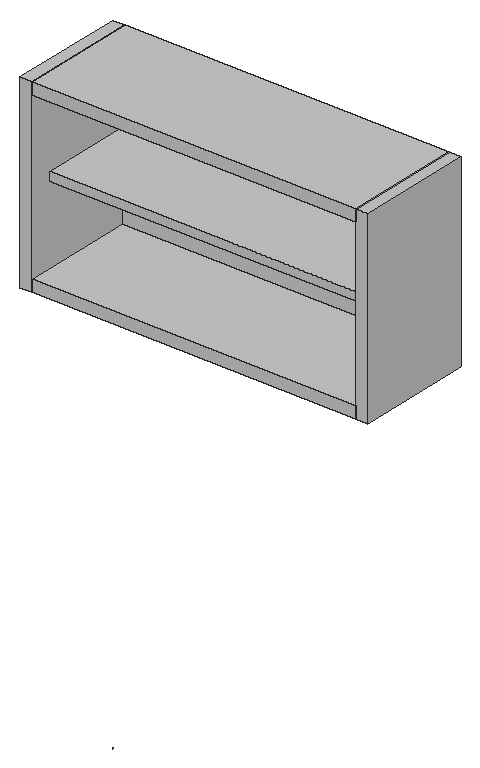
Revit family "QF_ZANUSSI_133257_PA1200LCN", category Attrezzature speciali, Revit 2020
Family settings
  Quota connettore circolare = Usa diametro
  Tipo di parte = Normale
  Basato su piano di lavoro = No
  Sempre verticale = Sì
  Taglio con vuoti quando caricato = No
  Condiviso = No
  Punto di calcolo locali = No
Parameters (values of type "Standard")
  Weight = 21.00 kg
  Watts = 0 W
  Volts = 0 V
  URL Manufacturer = "http://www.zanussiprofessional.com"
  URL = "http://www.zanussiprofessional.com"
  Steam Supply Size = 0 mm
  Steam Supply Minimum Pressure = 0.0 Pa
  Steam Supply Maximum Pressure = 0.0 Pa
  Steam Consumption per Hour = 0
  Refrigeration Suction Line Size = 0.0 mm
  Refrigeration Liquid Line Size = 0.0 mm
  Refrigerant Compressor Remote = yes
  Prospetto di default = 0.0 mm
  Phase = 0
  Modello = "PA1200LCN"
  Produttore = "Zanussi"
  Length Actual = 1200.0 mm  # constant formula
  Item Number = "133257"
  Hot Water Size = 0 mm
  Height Actual = 650.0 mm  # constant formula
  HP = "0 HP"
  Gas Size = 0 mm
  Gas KW = 0
  Gas Input Pressure = 0 W
  Direct Waste Size = 0 mm
  Descrizione = "OPEN WALL CUPBOARD 1200 MM"
  Depth Actual = 400.0 mm  # constant formula
  Cycle = 0 Hz
  Condensate Return Size = 0 mm
  Compressed Air Volume = 0.0 L/s
  Compressed Air Size = 0 mm
  Compressed Air Pressure = 0.0 Pa
  Cold Water Size = 0 mm
  Accessory = yes
Reference planes
  plane 1 "Center (Front/Back)": y = 0
  plane 2: z = 0
  plane 3 "Center (Left/Right)": x = -300
  plane 4 "LEFT": x = -900
  plane 5 "RIGHT": x = 300
  plane 6 "BACK": y = 200
  plane 7 "FRONT": y = -200
  plane 8 "Base": z = 2250
  plane 9 "BASE": z = 1600
  plane 10: x = -860
  plane 11: x = 260
  plane 12: y = -197
  plane 13: y = 150
  plane 14: y = 190
  plane 15 "Ripiano": z = 1910
  plane 16: z = 1940
Forms (mm)
  Extrusion 1, solid, material "QF_Finishes_Stainless Steel"
    sketch origin (0, 0, 1600) x (-1, 0, 0) y (0, -1, 0)
      loop
        line (900, -200) -> (900, 200) -> (860, 200) -> (860, -200) -> (900, -200)
      loop
        line (-260, -200) -> (-260, 200) -> (-300, 200) -> (-300, -200) -> (-260, -200)
    from 0 to 650
  Extrusion 2, solid, material "QF_Finishes_Stainless Steel"
    sketch origin (0, 0, 1600) x (-1, 0, 0) y (0, -1, 0)
      loop
        line (860, -200) -> (860, 200) -> (-260, 200) -> (-260, -200) -> (860, -200)
    from 0 to 40
  Extrusion 3, solid, material "QF_Finishes_Stainless Steel"
    sketch origin (0, 0, 0) x (1, 0, 0) y (0, 1, 0)
      loop
        line (-860, -200) -> (260, -200) -> (260, 200) -> (-860, 200) -> (-860, -200)
    from 2210 to 2250
  Extrusion 4, solid, material "QF_Finishes_Stainless Steel"
    sketch origin (0, 0, 0) x (1, 0, 0) y (0, 1, 0)
      loop
        line (-900, 200) -> (-900, 199) -> (-899, 199) -> (-899, 200) -> (-900, 200)
    from 0 to 1
  Extrusion 5, solid, material "QF_Finishes_Stainless Steel"
    sketch origin (0, 0, 1910) x (-1, 0, 0) y (0, -1, 0)
      loop
        line (860, -190) -> (860, 124.1) -> (-260, 124.1) -> (-260, -190) -> (860, -190)
    from 0 to 30
  Extrusion 6, solid, material "QF_Finishes_Stainless Steel"
    sketch origin (0, 0, 1910) x (-1, 0, 0) y (0, -1, 0)
      loop
        line (860, -200) -> (860, -190) -> (-260, -190) -> (-260, -200) -> (860, -200)
    from -270 to 300
Lines and regions (mm)
  symbolic lines
    curve 1: line (300, 200, 0) -> (-900, -200, 0)
    curve 2: line (-900, 200, 0) -> (300, 200, 0)
    curve 3: line (-900, -200, 0) -> (-900, 200, 0)
    curve 4: line (300, -200, 0) -> (-900, -200, 0)
    curve 5: line (300, 200, 0) -> (300, -200, 0)
  symbolic lines, style "SpecialityEquipmentHiddenLines"
    curve 6: line (-860, -124.1, 1910) -> (260, -124.1, 1910)
    curve 7: line (260, -200, 1910) -> (260, 190, 1910)
    curve 8: line (260, 190, 1910) -> (-860, 190, 1910)
    curve 9: line (-860, 190, 1910) -> (-860, -200, 1910)
Dimensions and locks
  plane 4 "LEFT" to plane 5 "RIGHT" = 1200.0 mm
  equal spacing: plane 4 "LEFT", plane 3 "Center (Left/Right)", plane 5 "RIGHT"
  plane 6 "BACK" to plane 7 "FRONT" = 400.0 mm
  equal spacing: plane 6 "BACK", plane 1 "Center (Front/Back)", plane 7 "FRONT"
  plane 9 "BASE" to level = 1600.0 mm
  locked: plane 4 "LEFT" to plane 10 at 40
  locked: plane 11 to plane 5 "RIGHT" at 40
  plane 12 to plane 7 "FRONT" = 3.0 mm
  plane 6 "BACK" to plane 13 = 50.0 mm
  locked: plane 8 "Base" to plane 9 "BASE" at 650
  locked: plane 15 "Ripiano" to plane 9 "BASE" at 310
  locked: plane 16 to plane 15 "Ripiano" at 30
  aligned and locked: level to plane 2
  aligned and locked: plane 8 "Base" to Extrusion 1
  aligned and locked: plane 6 "BACK" to Extrusion 1 sketch curve
  aligned and locked: Extrusion 1 sketch curve to plane 6 "BACK"
  aligned and locked: plane 7 "FRONT" to Extrusion 1 sketch curve
  aligned and locked: Extrusion 1 sketch curve to plane 7 "FRONT"
  aligned and locked: plane 10 to Extrusion 1
  aligned and locked: Extrusion 1 to plane 11
  aligned and locked: Extrusion 2 to plane 10
  aligned and locked: plane 11 to Extrusion 2
  aligned and locked: plane 8 "Base" to Extrusion 3
  aligned and locked: Extrusion 3 to plane 7 "FRONT"
  aligned and locked: Extrusion 2 to plane 7 "FRONT"
Automatic sketch dimensions
  Extrusion 1 sketch curve to plane 5 "RIGHT" = 0.0 mm
  Extrusion 1 sketch curve to plane 11 = 0.0 mm
  Extrusion 1 sketch curve to plane 10 = 0.0 mm
  Extrusion 1 sketch curve to plane 4 "LEFT" = 0.0 mm
  Extrusion 2 sketch curve to plane 11 = 0.0 mm
  Extrusion 2 sketch curve to plane 10 = 0.0 mm
  Extrusion 2 sketch curve to plane 13 = 50.0 mm
  Extrusion 2 sketch curve to plane 12 = 3.0 mm
  Extrusion 3 sketch curve to plane 10 = 0.0 mm
  Extrusion 3 sketch curve to plane 11 = 0.0 mm
  Extrusion 3 sketch curve to plane 12 = 3.0 mm
  Extrusion 3 sketch curve to plane 14 = 10.0 mm
  Extrusion 4 sketch curve to plane 6 "BACK" = 0.0 mm
  Extrusion 4 sketch curve to plane 4 "LEFT" = 0.0 mm
  plane 4 "LEFT" to Extrusion 4 sketch curve = 1.0 mm
  Extrusion 4 sketch curve to plane 6 "BACK" = 1.0 mm
  curve 4 to plane 4 "LEFT" = 0.0 mm
  curve 5 to plane 5 "RIGHT" = 0.0 mm
  Extrusion 5 sketch curve to plane 11 = 0.0 mm
  Extrusion 5 sketch curve to plane 10 = 0.0 mm
  plane 14 to Extrusion 5 sketch curve = 0.0 mm
  plane 12 to Extrusion 5 sketch curve = 72.9 mm
  Extrusion 6 sketch curve to plane 6 "BACK" = 0.0 mm
  Extrusion 6 sketch curve to plane 11 = 0.0 mm
  Extrusion 6 sketch curve to plane 10 = 0.0 mm
  plane 14 to Extrusion 6 sketch curve = 0.0 mm
  curve 1 to plane 7 "FRONT" = 0.0 mm
  curve 3 to plane 6 "BACK" = 0.0 mm
  curve 6 to plane 11 = 0.0 mm
  curve 6 to plane 10 = 0.0 mm
  plane 14 to curve 9 = 0.0 mm
  curve 9 to plane 7 "FRONT" = 0.0 mm
  curve 7 to plane 7 "FRONT" = 0.0 mm
  plane 12 to curve 6 = 72.9 mm
